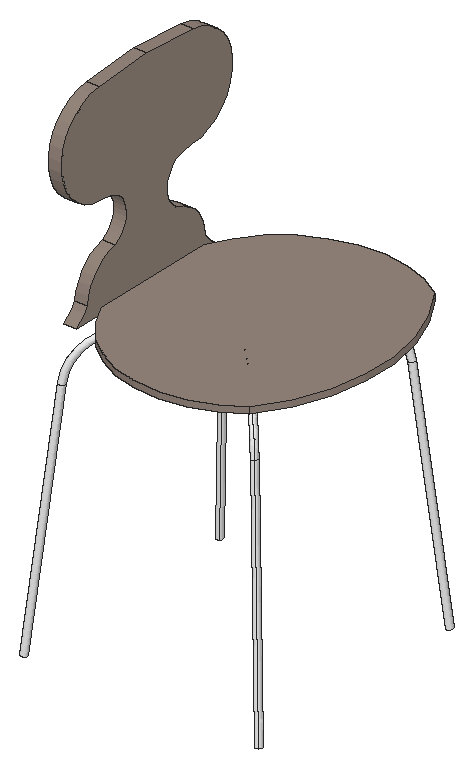
Revit family "Chair 2", category Furniture, Revit 2024
Family settings
  Work Plane-Based = No
  Enable Cutting in Views = No
  Always vertical = Yes
  Cut with Voids When Loaded = No
  Render Appearance Source = Family Geometry
  Shared = No
  Room Calculation Point = No
Parameters
  Keynote = "12600"
  Manufacturer = ""
  Default Elevation = 0 mm
  Bracket Material = Herman Miller - Finish 47 Trivalent Chrome
  Model = ""
  Cushion/Chair Back Material = Herman Miller - Veneer Z5 Maple
  BG_DIM_Width1 [instance] = 0 mm
  BG_DIM_Height1 [instance] = 0 mm
  BG_DIM_Depth1 [instance] = 0 mm
Reference planes
  plane 1 "Center F/B": y = -198.997
  plane 2: z = 0
  plane 3 "Center L/R": x = -1.022
Forms (mm)
  Sweep 1, solid, material "Herman Miller - Finish 47 Trivalent Chrome" <- "Bracket Material"
    path origin (61.052, -65.204, 45) x (0, 0, -1) y (0.707107, -0.707107, 0)
      loop
        line (45, -82.843) -> (-332.364, -36.508)
        arc (-332.364, -36.508) -> (-382.531, -10.114) -> (-402.615, 42.895) r 80
        line (-402.615, 42.895) -> (-402.615, 181.322)
    profile origin (18.855, -23.007, 188.682) x (-0.701836, 0.701836, 0.121869) y (-0.707107, -0.707107, 0)
      loop
        circle (0, 0) r 5
  Sweep 2, solid, material "Herman Miller - Finish 47 Trivalent Chrome" <- "Bracket Material"
    path origin (57.516, -325.168, 45) x (0, 0, -1) y (0.707107, 0.707107, 0)
      loop
        line (45, -82.843) -> (-332.364, -36.508)
        arc (-332.364, -36.508) -> (-382.531, -10.114) -> (-402.615, 42.895) r 80
        line (-402.615, 42.895) -> (-402.615, 181.322)
    profile origin (15.319, -367.364, 188.682) x (-0.701836, -0.701836, 0.121869) y (0.707107, -0.707107, 0)
      loop
        circle (0, 0) r 5
  Sweep 3, solid, material "Herman Miller - Finish 47 Trivalent Chrome" <- "Bracket Material"
    path origin (303.338, -65.204, 45) x (0, 0, -1) y (0.707107, 0.707107, 0)
      loop
        line (45, 82.843) -> (-332.364, 36.508)
        arc (-332.364, 36.508) -> (-382.531, 10.114) -> (-402.615, -42.895) r 80
        line (-402.615, -42.895) -> (-402.615, -181.322)
    profile origin (345.535, -23.007, 188.682) x (0.701836, 0.701836, 0.121869) y (-0.707107, 0.707107, 0)
      loop
        circle (0, 0) r 5
  Sweep 4, solid, material "Herman Miller - Finish 47 Trivalent Chrome" <- "Bracket Material"
    path origin (306.873, -325.168, 45) x (0, 0, -1) y (0.707107, -0.707107, 0)
      loop
        line (45, 82.843) -> (-332.364, 36.508)
        arc (-332.364, 36.508) -> (-382.531, 10.114) -> (-402.615, -42.895) r 80
        line (-402.615, -42.895) -> (-402.615, -181.322)
    profile origin (349.07, -367.364, 188.682) x (0.701836, -0.701836, 0.121869) y (0.707107, 0.707107, 0)
      loop
        circle (0, 0) r 5
  Extrusion 5, solid, material "Herman Miller - Veneer Z5 Maple" <- "Cushion/Chair Back Material"
    sketch origin (0, 0, 0) x (1, 0, 0) y (0, 1, 0)
      loop
        arc (340, -9.099) -> (152.776, 17.913) -> (32.728, -128.274) r 192.616
        line (32.728, -128.274) -> (32.728, -249.923)
        arc (32.728, -249.923) -> (152.776, -396.11) -> (340, -369.099) r 192.616
        arc (340, -369.099) -> (400.673, -189.099) -> (340, -9.099) r 297.34
    from 450 to 460
  Extrusion 6, solid, material "Herman Miller - Veneer Z5 Maple" <- "Cushion/Chair Back Material"
    sketch origin (390, -409.099, -27.081) x (0, 0, -1) y (0, 1, 0)
      loop
        arc (-498.809, 95.839) -> (-486.21, 86.065) -> (-477.081, 72.99) r 53.087
        line (-477.081, 72.99) -> (-477.081, 347.212)
        arc (-477.081, 347.212) -> (-486.21, 334.138) -> (-498.809, 324.364) r 53.087
        arc (-498.809, 324.364) -> (-539.073, 308.301) -> (-561.143, 270.989) r 67.175
        arc (-561.143, 270.989) -> (-601.737, 249.17) -> (-634.197, 281.887) r 38.521
        line (-634.197, 281.887) -> (-636.604, 298.938)
        arc (-636.604, 298.938) -> (-714.694, 376.726) -> (-796.127, 302.444) r 79.872
        line (-796.127, 302.444) -> (-802.584, 210.101) -> (-796.127, 117.759)
        arc (-796.127, 117.759) -> (-714.694, 43.477) -> (-636.604, 121.265) r 79.872
        line (-636.604, 121.265) -> (-634.197, 138.316)
        arc (-634.197, 138.316) -> (-601.737, 171.033) -> (-561.143, 149.213) r 38.521
        arc (-561.143, 149.213) -> (-539.073, 111.901) -> (-498.809, 95.839) r 67.175
    from -367.272 to -347.272
Dimensions and locks
  aligned and locked: plane 1 "Center F/B" to Extrusion 6
